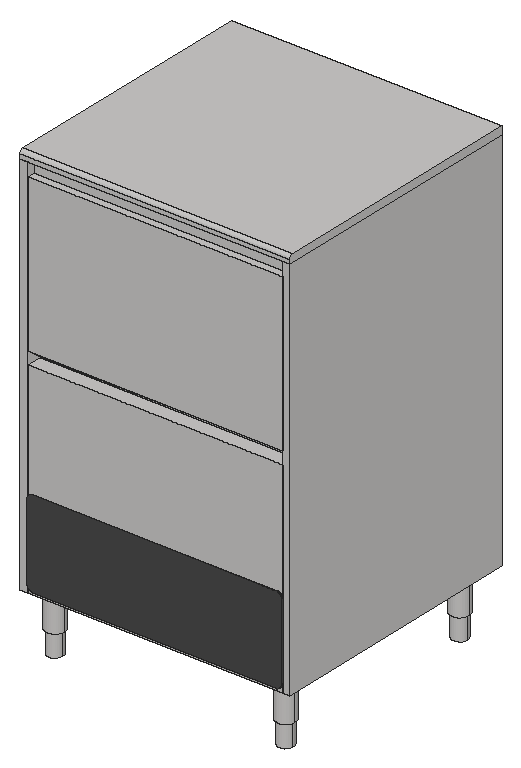
Revit family "QF_ELECTROLUXPROFESSIONAL_730335_ICC112I60SNP", category Attrezzature speciali, Revit 2018
Family settings
  Quota connettore circolare = Usa diametro
  Tipo di parte = Normale
  Basato su piano di lavoro = No
  Sempre verticale = Sì
  Taglio con vuoti quando caricato = No
  Condiviso = No
  Punto di calcolo locali = No
Parameters (values of type "Standard")
  Weight = 81.00 kg
  Watts = 0 W
  Volts = 220 V
  URL Manufacturer = "https://www.electroluxprofessional.com/"
  URL = "https://www.electroluxprofessional.com/"
  Steam Supply Size = 0 mm
  Steam Supply Minimum Pressure = 0.0 Pa
  Steam Supply Maximum Pressure = 0.0 Pa
  Steam Pounds per Hour = 0
  Show Logo [instance] = yes
  Show Clearance [instance] = yes
  Refrigeration Suction Line Size = 0 mm
  Refrigeration Liquid Line Size = 0 mm
  Refrigerant Compressor Remote = yes
  Produttore = "Electrolux Professional"
  Phase = 1
  Modello = "ICC112I60SNP"
  Length Actual = 715 mm  # constant formula
  Item Number = "730335"
  Hot Water Size = 0 mm
  Height Actual = 1149 mm  # constant formula
  HP = "0 HP"
  Gas Size = 0 mm
  Gas KW = 0
  Gas Input Pressure = 0 W
  Descrizione = "WATER COOLED ICE CUBER 40GR 112KG/24H-BIN 60KG"
  Depth Actual = 700 mm  # constant formula
  Cycle = 50 Hz
  Condensate Return Size = 0 mm
  Compressed Air Volume = 0.0 L/s
  Compressed Air Size = 0 mm
  Compressed Air Pressure = 0.0 Pa
  Cold Water Size = 19.05 mm
  Accessory = yes
Reference planes
  plane 1 "Center X": y = 272.851
  plane 2: z = 0
  plane 3 "Center Y": x = -501.5
  plane 4 "LEFT": x = -859
  plane 5 "RIGHT": x = -144
  plane 6 "FRONT": y = -77.649
  plane 7 "BACK": y = 623.351
  plane 8: z = 154
  plane 9: z = 1198
  plane 10: z = 1178
  plane 11: x = -839
  plane 12: x = -164
  plane 13: y = -37.649
Forms (mm)
  Extrusion 1, solid, material "QF_Finishes_Black"
    sketch origin (-217.296, -77.649, 371.513) x (-1, 0, 0) y (0, 0, -1)
      loop
        arc (606.704, -20.487) -> (617.311, -16.093) -> (621.704, -5.487) r 15
        line (621.704, -5.487) -> (621.704, 195.469)
        arc (621.704, 195.469) -> (617.311, 206.075) -> (606.704, 210.469) r 15
        line (606.704, 210.469) -> (-38.296, 210.469)
        arc (-38.296, 210.469) -> (-48.903, 206.075) -> (-53.296, 195.469) r 15
        line (-53.296, 195.469) -> (-53.296, -5.487)
        arc (-53.296, -5.487) -> (-48.903, -16.093) -> (-38.296, -20.487) r 15
        line (-38.296, -20.487) -> (606.704, -20.487)
    from 0 to 2
  Extrusion 2, solid, material "QF_Finishes_Stainless Steel"
    sketch origin (-501.5, 0, 0) x (0, 1, 0) y (0, 0, 1)
      loop
        line (623.351, 1178) -> (623.351, 1198) -> (-67.649, 1198)
        arc (-67.649, 1198) -> (-74.72, 1195.071) -> (-77.649, 1188) r 10
        line (-77.649, 1188) -> (-77.649, 1178) -> (623.351, 1178)
    from -357.5 to 357.5
  Extrusion 3, solid, material "QF_Finishes_Stainless Steel"
    sketch origin (-446.7, 623.351, -284.545) x (1, 0, 0) y (0, 0, -1)
      loop
        circle (233.2, -654.545) r 10
    from 0 to 10
  Extrusion 4, solid, material "QF_Finishes_Stainless Steel"
    sketch origin (0, 0, 0) x (1, 0, 0) y (0, 1, 0)
      loop
        line (-859, 623.351) -> (-859, -77.649) -> (-839, -77.649) -> (-839, 623.351) -> (-859, 623.351)
    from 154 to 1178
  Extrusion 5, solid, material "QF_Finishes_Stainless Steel"
    sketch origin (0, 0, 0) x (1, 0, 0) y (0, 1, 0)
      loop
        line (-164, 623.351) -> (-164, -77.649) -> (-144, -77.649) -> (-144, 623.351) -> (-164, 623.351)
    from 154 to 1178
  Extrusion 6, solid, material "QF_Finishes_Stainless Steel"
    sketch origin (0, 0, 0) x (1, 0, 0) y (0, 1, 0)
      loop
        line (-839, 623.351) -> (-839, -37.649) -> (-164, -37.649) -> (-164, 623.351) -> (-839, 623.351)
    from 154 to 1178
  Extrusion 7, solid, material "QF_Finishes_Stainless Steel"
    sketch origin (0, 0, 0) x (1, 0, 0) y (0, 1, 0)
      loop
        line (-839, -77.649) -> (-164, -77.649) -> (-164, -37.649) -> (-839, -37.649) -> (-839, -77.649)
    from 154 to 695.994
  Extrusion 8, solid, material "QF_Finishes_Stainless Steel"
    sketch origin (-501.5, 0, 0) x (0, 1, 0) y (0, 0, 1)
      loop
        line (-37.649, 1178) -> (-57.649, 1178) -> (-57.649, 1142) -> (-77.649, 1142) -> (-77.649, 728.768) -> (-57.649, 728.768) -> (-57.649, 713.768) -> (-37.649, 713.768) -> (-37.649, 1178)
    from -337.5 to 337.5
  Extrusion 9, solid, material "QF_Finishes_Stainless Steel"
    sketch origin (-428.2, 623.351, -395.545) x (1, 0, 0) y (0, 0, -1)
      loop
        circle (233.2, -654.545) r 10
    from 0 to 10
  Extrusion 10, solid, material "QF_Finishes_Stainless Steel"
    sketch origin (-487.7, 623.351, -316.545) x (1, 0, 0) y (0, 0, -1)
      loop
        circle (233.2, -654.545) r 10
    from 0 to 10
Lines and regions (mm)
  Split face 1
    outline origin (-501.5, -57.649, 1178) x (0, 0, -1) y (1, 0, 0)
      loop
        line (5.715, 214.928) -> (30.715, 214.928) -> (30.715, 254.928) -> (5.715, 254.928) -> (5.715, 214.928)
  symbolic lines
    curve 1: line (-859, 623.351, 0) -> (-144, 623.351, 0)
    curve 2: line (-859, -77.649, 0) -> (-859, 623.351, 0)
    curve 3: line (-144, -77.649, 0) -> (-859, -77.649, 0)
    curve 4: line (-144, 623.351, 0) -> (-144, -77.649, 0)
Dimensions and locks
  equal spacing: plane 4 "LEFT", plane 3 "Center Y", plane 5 "RIGHT"
  plane 4 "LEFT" to plane 5 "RIGHT" = 715 mm
  equal spacing: plane 7 "BACK", plane 1 "Center X", plane 6 "FRONT"
  plane 7 "BACK" to plane 6 "FRONT" = 701 mm
  plane 8 to plane 2 = 154 mm
  plane 9 to plane 8 = 1044 mm
  locked: plane 4 "LEFT" to plane 11 at 20
  locked: plane 12 to plane 5 "RIGHT" at 20
  locked: plane 9 to plane 10 at 20
  locked: plane 13 to plane 6 "FRONT" at 40
  aligned and locked: level to plane 2
  aligned and locked: plane 5 "RIGHT" to Extrusion 2
  aligned and locked: Extrusion 2 to plane 4 "LEFT"
  aligned and locked: Extrusion 4 sketch curve to Extrusion 2  (x2)
  aligned and locked: plane 6 "FRONT" to Extrusion 4 sketch curve
  aligned and locked: Extrusion 4 sketch curve to plane 11
  aligned and locked: Extrusion 5 sketch curve to plane 7 "BACK"
  aligned and locked: plane 12 to Extrusion 5 sketch curve
  aligned and locked: Extrusion 5 sketch curve to Extrusion 2  (x2)
  aligned and locked: plane 10 to Extrusion 4
  aligned and locked: plane 10 to Extrusion 5
  aligned and locked: Extrusion 4 to plane 8
  aligned and locked: Extrusion 5 to plane 8
  aligned and locked: Extrusion 6 sketch curve to Extrusion 4
  aligned and locked: Extrusion 4 to Extrusion 6 sketch curve
  aligned and locked: plane 13 to Extrusion 6 sketch curve
  aligned and locked: Extrusion 6 sketch curve to plane 12
  aligned and locked: plane 10 to Extrusion 6
  aligned and locked: Extrusion 6 to plane 8
  aligned and locked: Extrusion 4 to Extrusion 7 sketch curve
  aligned and locked: Extrusion 7 sketch curve to Extrusion 4
  aligned and locked: plane 13 to Extrusion 7 sketch curve
  aligned and locked: plane 12 to Extrusion 7 sketch curve
  aligned and locked: Extrusion 7 to plane 8
  aligned and locked: plane 12 to Extrusion 8
  aligned and locked: Extrusion 8 to plane 11
Automatic sketch dimensions
  curve 3 to plane 4 "LEFT" = 0 mm
  curve 3 to plane 5 "RIGHT" = 0 mm
  curve 3 to plane 6 "FRONT" = 0 mm
  curve 2 to plane 7 "BACK" = 0 mm
  Extrusion 1 sketch curve to plane 12 = 0 mm
  plane 8 to Extrusion 1 sketch curve = 7.044 mm
  Extrusion 1 sketch curve to Extrusion 1 sketch curve = 15 mm  (x3)
  plane 11 to Extrusion 1 sketch curve = 15 mm  (x2)
  Extrusion 1 sketch curve to Extrusion 1 sketch curve = 200.956 mm
  Extrusion 2 sketch curve to plane 6 "FRONT" = 0 mm
  Extrusion 2 sketch curve to plane 9 = 0 mm
  Extrusion 2 sketch curve to plane 7 "BACK" = 0 mm
  Extrusion 2 sketch curve to plane 10 = 0 mm
  plane 6 "FRONT" to Extrusion 2 sketch curve = 10 mm
  Extrusion 6 to Extrusion 3 sketch curve = 216 mm
  Extrusion 3 sketch curve to Extrusion 6 = 49.5 mm
  Extrusion 8 sketch curve to plane 6 "FRONT" = 0 mm
  Extrusion 8 sketch curve to plane 10 = 0 mm
  Extrusion 8 sketch curve to plane 13 = 0 mm
  plane 6 "FRONT" to Extrusion 8 sketch curve = 20 mm  (x2)
  Extrusion 8 sketch curve to plane 10 = 36 mm
  Extrusion 8 sketch curve to Extrusion 8 sketch curve = 413.232 mm
  Extrusion 8 sketch curve to Extrusion 8 sketch curve = 15 mm
  Split face 1 sketch curve to Extrusion 8 = 5.715 mm
  Extrusion 8 to Split face 1 sketch curve = 5.285 mm
  Split face 1 sketch curve to Extrusion 8 = 122.572 mm
  Split face 1 sketch curve to Split face 1 sketch curve = 40 mm
  Extrusion 9 sketch curve to Extrusion 6 = 31 mm
  Extrusion 6 to Extrusion 9 sketch curve = 105 mm
  Extrusion 10 sketch curve to Extrusion 6 = 90.5 mm
  Extrusion 6 to Extrusion 10 sketch curve = 184 mm
  radius of Extrusion 3 sketch curve = 10 mm
  radius of Extrusion 9 sketch curve = 10 mm
  radius of Extrusion 10 sketch curve = 10 mm
Nested families
  nested 1: "Foot_Complete" at (-807, -26.649, 0), type "Foot_Complete"
  nested 2: "Foot_Complete" at (-196, -26.649, 0) x (-1, 0, 0) z (0, 0, 1), type "Foot_Complete"
  nested 3: "Foot_Complete" at (-807, 550.351, 0), type "Foot_Complete"
  nested 4: "Foot_Complete" at (-196, 550.351, 0) x (-1, 0, 0) z (0, 0, 1), type "Foot_Complete"
Connectors
  electrical at (-195, 633.351, 259), driven by "Volts"
    settings: on Extrusion 9, index 1, voltage 220 V, apparent load 0 VA, apparent load phase1 0 VA, apparent load phase2 0 VA, apparent load phase3 0 VA, power factor 1, load classification "Altro", number of poles 1, system type 30, power factor state 1, is connector primary yes, connector utility no, sub classification motor no, connector description "Electrical Connection"
  piping at (-213.5, 633.351, 370), diameter 20
    settings: on Extrusion 3, index 2, connector inside diameter 609.6 mm, connector length 0 mm, flow factor 0, pipe flow 0.0 L/s, pressure drop 0.0 Pa, fitting loss kfactor 0, connector angle 0.00°, fixture units 0, engagement length 0 mm, angle of deflection 0.00°, flow configuration 0, flow direction 0, fitting loss method 0, system type 20, joint type 0, gender type 0, connector reference index -1, connector utility 0, adjustable connector no, is connector primary yes, connector description "Cold water"
  piping at (-254.5, 633.351, 338), diameter 20
    settings: on Extrusion 10, index 3, connector inside diameter 609.6 mm, connector length 0 mm, flow factor 0, pipe flow 0.0 L/s, pressure drop 0.0 Pa, fitting loss kfactor 0, connector angle 0.00°, fixture units 0, engagement length 0 mm, angle of deflection 0.00°, flow configuration 0, flow direction 0, fitting loss method 0, system type 16, joint type 0, gender type 0, connector reference index -1, connector utility 0, adjustable connector no, is connector primary no, connector description "Drain"
Definition of nested family "Foot_Complete"
  Parameters (values of type "Foot_Complete")
    R = 25 mm
    H = 153 mm
  Reference planes
    plane 1 "Centro (Fronte/Retro)": y = 0
    plane 2: z = 0
    plane 3 "Centro (Sinistra/Destra)": x = 0
    plane 4: z = 153
  Forms (mm)
    Revolve 1, solid
      sketch origin (255.05, 0, 608.09) x (0, 0, 1) y (-1, 0, 0)
        loop
          line (-608.09, 255.05) -> (-608.09, 235.05) -> (-548.09, 235.05) -> (-548.09, 230.05) -> (-455.09, 230.05) -> (-455.09, 255.05) -> (-608.09, 255.05)
        axis (-608.09, 255.05) -> (-455.09, 255.05)
      angle from 0 to 360
  Dimensions and locks
    level to Revolve 1 sketch curve = 60 mm
    "R": Revolve 1 sketch curve to plane 3 "Centro (Sinistra/Destra)"
    "H": plane 4 to level
    aligned and locked: level to plane 2
    aligned and locked: plane 4 to Revolve 1 sketch curve
    aligned and locked: Revolve 1 sketch curve to level
    aligned and locked: plane 3 "Centro (Sinistra/Destra)" to Revolve 1 sketch curve
  Automatic sketch dimensions
    Revolve 1 sketch curve to plane 3 "Centro (Sinistra/Destra)" = 0 mm
    plane 3 "Centro (Sinistra/Destra)" to Revolve 1 sketch curve = 20 mm
    Revolve 1 sketch curve to Revolve 1 sketch curve = 50 mm
    Revolve 1 sketch curve to Revolve 1 sketch curve = 20 mm
